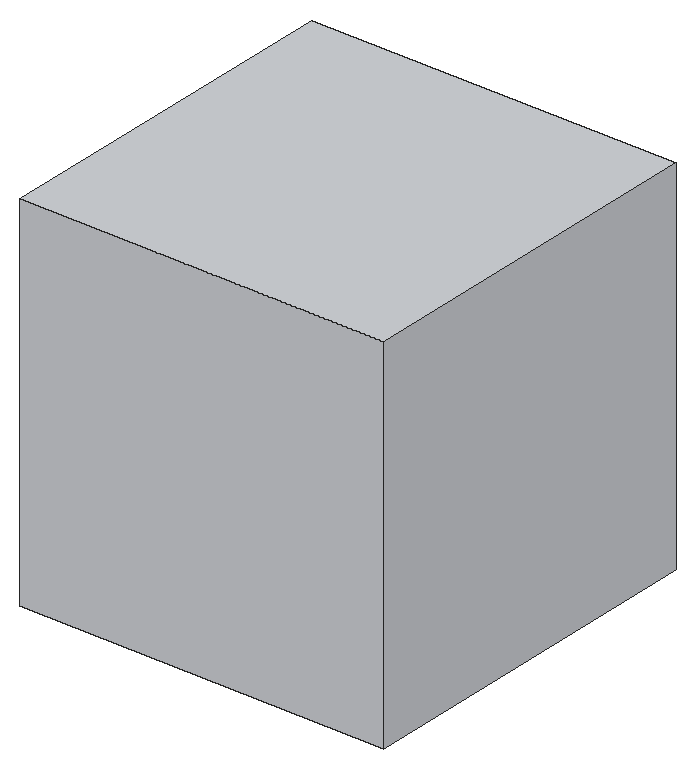
Revit family "LevelHosted", category Generic Models, Revit 2018
Family settings
  Can host rebar = No
  Round Connector Dimension = Use Diameter
  Part Type = Normal
  Work Plane-Based = No
  Always vertical = Yes
  Cut with Voids When Loaded = No
  Shared = No
  Room Calculation Point = No
Reference planes (in)
  plane 1 "Center (Front/Back)": y = 0
  plane 2: z = 0
  plane 3 "Center (Left/Right)": x = 0
Forms (in)
  Extrusion 1, solid
    sketch origin (0, 0, 0) x (1, 0, 0) y (0, 1, 0)
      loop
        line (-6, -6) -> (6, -6) -> (6, 6) -> (-6, 6) -> (-6, -6)
    from 0 to 12
Dimensions and locks (in)
  equal spacing: Extrusion 1 sketch curve, plane 1 "Center (Front/Back)", Extrusion 1 sketch curve
  equal spacing: Extrusion 1 sketch curve, plane 3 "Center (Left/Right)", Extrusion 1 sketch curve
  Extrusion 1 sketch curve to Extrusion 1 sketch curve = 1' - 0"  (x2)
  aligned and locked: plane 2 to level
